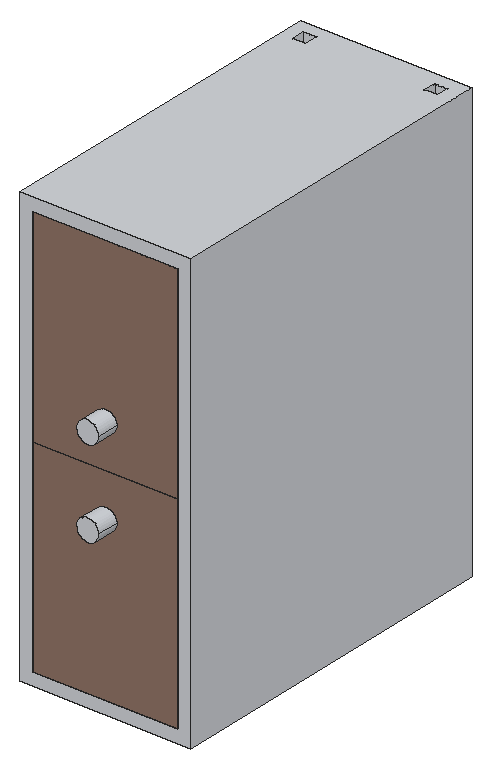
Revit family "KLS - cupboard", category Generic Models, host Face, Revit 2014
Parameters (values of type "KLS - cupboard_39cmx80cm")
  width = 1000 mm
  materialwood_cupboard = none
  material_handle = none
  material wood_door = KLS - Walnut
  length of cupboard = 800 mm
  hole = 30 mm
  height of cupboard = 390 mm
  handle radius = 25 mm
  handle height = height of cupboard / 2  # 195 mm
  handle distance = 100 mm
  handle = 50 mm
  distance to hole = 30 mm
  Default Elevation = 1219.2 mm
Types (11, lengths in mm): name | length of cupboard | height of cupboard | handle height
  (no name) | 800 | 390 | 195
  KLS - cupboard_39cmx60cm | 600 | 390 | 195
  KLS - cupboard_54cmx60cm | 600 | 540 | 270
  KLS - cupboard_69cmx60cm | 600 | 690 | 345
  KLS - cupboard_84cmx60cm | 600 | 840 | 420
  KLS - cupboard_99cmx60cm | 600 | 990 | 495
  KLS - cupboard_99cmx80cm | 800 | 990 | 495
  KLS - cupboard_84cmx80cm | 800 | 840 | 420
  KLS - cupboard_69cmx80cm | 800 | 690 | 345
  KLS - cupboard_54cmx80cm | 800 | 540 | 270
  KLS - cupboard_39cmx80cm | 800 | 390 | 195
Reference planes
  plane 1 "Center (Front/Back)": y = 0
  plane 2: z = 0
  plane 3 "Center (Left/Right)": x = 0
  plane 4: y = 30
  plane 5: x = 30
  plane 6: y = 60
  plane 7: x = -330
  plane 8: y = -740
  plane 9: x = 60
  plane 10: z = 1000
  plane 11: x = -300
  plane 12: x = -270
  plane 13: x = -300
  plane 14: x = 30
  plane 15: y = -30
  plane 16: x = -240
  plane 17: x = -30
  plane 18: z = 30
  plane 19: z = 970
  plane 20: z = 500
  plane 21: y = -710
  plane 22: z = 400
  plane 23: z = 600
  plane 24: x = -135
  plane 25: y = -790
Forms (mm)
  Extrusion 1, solid, material <- "materialwood_cupboard"
    sketch origin (0, 0, 0) x (1, 0, 0) y (0, 1, 0)
      loop
        line (-330, 60) -> (-330, -740) -> (60, -740) -> (60, 60) -> (-330, 60)
      loop
        line (0, 30) -> (0, 0) -> (30, 0) -> (30, 30) -> (0, 30)
      loop
        line (-300, 30) -> (-300, 0) -> (-270, 0) -> (-270, 30) -> (-300, 30)
    from 0 to 1000
  Extrusion 2, void
    sketch origin (0, 0, 0) x (1, 0, 0) y (0, 1, 0)
      loop
        line (-300, -740) -> (30, -740) -> (30, -30) -> (-30, -30) -> (-30, 30) -> (-240, 30) -> (-240, -30) -> (-300, -30) -> (-300, -740)
    from 30 to 970
  Extrusion 3, solid, material "KLS - Walnut" <- "material wood_door"
    sketch origin (0, 0, 0) x (1, 0, 0) y (0, 0, 1)
      loop
        line (-300, 970) -> (-300, 500) -> (30, 500) -> (30, 970) -> (-300, 970)
    from 710 to 740
  Extrusion 4, solid, material "KLS - Walnut" <- "material wood_door"
    sketch origin (0, 0, 0) x (1, 0, 0) y (0, 0, 1)
      loop
        line (-300, 500) -> (-300, 30) -> (30, 30) -> (30, 500) -> (-300, 500)
    from 710 to 740
  Extrusion 5, solid, material <- "material_handle"
    sketch origin (0, 0, 0) x (1, 0, 0) y (0, 0, 1)
      loop
        circle (-135, 600) r 25
      loop
        circle (-135, 400) r 25
    from 740 to 790
Cuts and joins
  Extrusion 2 cuts Extrusion 1
Dimensions and locks
  "width": plane 10 to level
  "hole": plane 4 to plane 1 "Center (Front/Back)"
  "hole": plane 3 "Center (Left/Right)" to plane 5
  "hole": plane 11 to plane 12
  "distance to hole": plane 5 to plane 9
  "distance to hole": plane 7 to plane 11
  "distance to hole": plane 4 to plane 6
  "length of cupboard": plane 8 to plane 6
  "height of cupboard": plane 7 to plane 9
  "distance to hole": plane 7 to plane 13
  "distance to hole": plane 14 to plane 9
  "distance to hole": plane 1 "Center (Front/Back)" to plane 15
  "distance to hole": plane 12 to plane 16
  "distance to hole": plane 17 to plane 3 "Center (Left/Right)"
  "distance to hole": plane 10 to plane 19
  "distance to hole": plane 18 to level
  equal spacing: plane 10, plane 20, level
  "distance to hole": plane 21 to plane 8
  equal spacing: plane 23, plane 20, plane 22
  "handle distance": plane 23 to plane 20
  "handle height": plane 9 to plane 24
  "handle": plane 8 to plane 25
  "handle radius": radius of Extrusion 5 sketch curve  (x2)
  aligned and locked: plane 2 to host face
  aligned and locked: level to host face
  aligned and locked: plane 6 to Extrusion 1 sketch curve
  aligned and locked: plane 7 to Extrusion 1 sketch curve
  aligned and locked: plane 8 to Extrusion 1 sketch curve
  aligned and locked: Extrusion 1 sketch curve to plane 9
  aligned and locked: Extrusion 1 sketch curve to plane 4  (x2)
  aligned and locked: plane 3 "Center (Left/Right)" to Extrusion 1 sketch curve
  aligned and locked: Extrusion 1 sketch curve to plane 1 "Center (Front/Back)"  (x2)
  aligned and locked: Extrusion 1 sketch curve to plane 5
  aligned and locked: plane 10 to Extrusion 1
  aligned and locked: plane 11 to Extrusion 1 sketch curve
  aligned and locked: Extrusion 1 sketch curve to plane 12
  aligned and locked: Extrusion 2 sketch curve to plane 8
  aligned and locked: plane 13 to Extrusion 2 sketch curve
  aligned and locked: Extrusion 2 sketch curve to plane 14
  aligned and locked: Extrusion 2 sketch curve to plane 15  (x2)
  aligned and locked: Extrusion 2 sketch curve to plane 4
  aligned and locked: Extrusion 2 sketch curve to plane 17
  aligned and locked: Extrusion 2 sketch curve to plane 16
  aligned and locked: plane 19 to cut or joined group of Extrusion 1, Extrusion 2
  aligned and locked: cut or joined group of Extrusion 1, Extrusion 2 to plane 18
  aligned and locked: Extrusion 3 sketch curve to cut or joined group of Extrusion 1, Extrusion 2  (x2)
  aligned and locked: plane 20 to Extrusion 3 sketch curve
  aligned and locked: cut or joined group of Extrusion 1, Extrusion 2 to Extrusion 3 sketch curve
  aligned and locked: Extrusion 3 to plane 8
  aligned and locked: plane 21 to Extrusion 3
  aligned and locked: Extrusion 4 sketch curve to Extrusion 3  (x2)
  aligned and locked: Extrusion 4 sketch curve to cut or joined group of Extrusion 1, Extrusion 2  (x2)
  aligned and locked: Extrusion 4 to plane 8
  aligned and locked: plane 21 to Extrusion 4
  aligned and locked: Extrusion 5 to plane 8
  aligned and locked: Extrusion 5 to plane 25
Automatic sketch dimensions
  host sketch curve to host sketch curve = 2438.4 mm  (x2)
  Extrusion 5 sketch curve to plane 22 = 0 mm
  Extrusion 5 sketch curve to plane 24 = 0 mm  (x2)
  Extrusion 5 sketch curve to plane 23 = 0 mm
